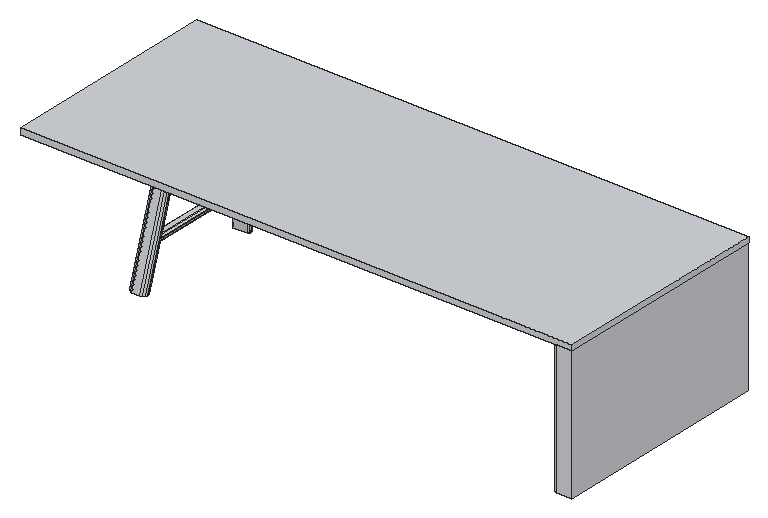
Revit family "Bernhardt_Design-Tables-Freestanding-Frame-Block_30h-Blueprint", category Furniture, Revit 2016
Family settings
  OmniClass Number = 23.40.20.00
  OmniClass Title = General Furniture and Specialties
  Work Plane-Based = No
  Always vertical = Yes
  Cut with Voids When Loaded = No
  Shared = No
  Room Calculation Point = No
Parameters (values of type "BPS-AOC-AC")
  Wood = none
  URL = "http://www.bernhardtdesign.com"
  TotalWidth = 120"
  TotalDepth = 48"
  TableWidth_right = TotalWidth / 2 - 8 3/4"  # 51 1/4"
  TableWidth_left = TotalWidth / 2 + 8 3/4"  # 68 3/4"
  TableTopHeight = TotalHeight - 1 1/4"  # 28 3/4"
  TotalHeight = 30"
  TableTop = none
  TableDepth = TotalDepth / 2  # 24"
  SKU = "BPS-AOC-AC"
  RailCapFront = RailCap + 2"  # 2"
  RailCap = 0"
  Model = "Blueprint"  # constant formula
  Manufacturer = "Bernhardt Design"  # constant formula
  Railing_bottom = -Railing_top  # -38.54892"
  Railing_top = 38.54892"
  LegDistance = 16"
  LegHeight = TableTopHeight  # 28 3/4"
  Copyright © = "Copyright © Bernhardt Design"  # constant formula
  Catalog = SKU  # "BPS-AOC-AC"
  CapDistance_right = TableWidth_right - 4"  # 47 1/4"
  CapDistance_left = 47 1/4"
  Blueprint Gray = Blueprint Gray
  BlackPaint = Black Paint
  Authoring Version = "Autodesk Revit 2016"  # constant formula
Types (10): name | TotalWidth | TotalDepth | TableWidth_right | TableWidth_left | TableDepth | SKU | Railing_bottom | Railing_top | LegDistance | Catalog | CapDistance_right | CapDistance_left
  (no name) | 120" | 48" | 51 1/4" | 68 3/4" | 24" | "BPS-AOC-AC" | -38.54892" | 38.54892" | 16" | "BPS-AOC-AC" | 47 1/4" | 47 1/4"
  BPS-AGC-AC | 72" | 48" | 27 1/4" | 44 3/4" | 24" | "BPS-AGC-AC" | -12 3/4" | 12 3/4" | 20" | "BPS-AGC-AC" | 23 1/4" | 23 1/4"
  BPS-AKC-AC | 96" | 48" | 39 1/4" | 56 3/4" | 24" | "BPS-AKC-AC" | -24.51767" | 24.51767" | 16" | "BPS-AKC-AC" | 35 1/4" | 35 1/4"
  BPS-AOC-AC | 120" | 48" | 51 1/4" | 68 3/4" | 24" | "BPS-AOC-AC" | -38.54892" | 38.54892" | 16" | "BPS-AOC-AC" | 47 1/4" | 47 1/4"
  BPS-AGA-AC | 72" | 36" | 27 1/4" | 44 3/4" | 18" | "BPS-AGA-AC" | -12 3/4" | 12 3/4" | 16" | "BPS-AGA-AC" | 23 1/4" | 23 1/4"
  BPS-AKA-AC | 96" | 36" | 39 1/4" | 56 3/4" | 18" | "BPS-AKA-AC" | -24.51767" | 24.51767" | 16" | "BPS-AKA-AC" | 35 1/4" | 35 1/4"
  BPS-AOA-AC | 120" | 36" | 51 1/4" | 68 3/4" | 18" | "BPS-AOA-AC" | -38.54892" | 38.54892" | 16" | "BPS-AOA-AC" | 47 1/4" | 47 1/4"
  BPS-AGB-AC | 72" | 42" | 27 1/4" | 44 3/4" | 21" | "BPS-AGB-AC" | -12 3/4" | 12 3/4" | 16" | "BPS-AGB-AC" | 23 1/4" | 23 1/4"
  BPS-AKB-AC | 96" | 42" | 39 1/4" | 56 3/4" | 21" | "BPS-AKB-AC" | -24.51767" | 24.51767" | 16" | "BPS-AKB-AC" | 35 1/4" | 35 1/4"
  BPS-AOB-AC | 120" | 42" | 51 1/4" | 68 3/4" | 21" | "BPS-AOB-AC" | -38.54892" | 38.54892" | 16" | "BPS-AOB-AC" | 47 1/4" | 47 1/4"
Reference planes (in)
  plane 1 "Center Front/Back": y = 0
  plane 2: z = 0
  plane 3 "Center Left/Right": x = 0
  plane 4 "railTop_plane": z = 27.8248
  plane 5 "TableTop_plane": z = 30
  plane 6 "tableBottom_plane": z = 28.75
  plane 7 "railBottom_plane": z = 25.79724
  plane 8 "Crossbar_top_plane": y = 12.06057
  plane 9 "Crossbar_bottom_plane": y = -12.16143
  plane 10 "width_left_plane": x = -68.75
  plane 11 "width_right_plane": x = 51.25
  plane 12 "depth_top_plane": y = 24
  plane 13 "depth_bottom_plane": y = -24
  plane 14 "RailEnd_right_plane": x = 47.25
  plane 15 "RailEnd_left_plane": x = -47.25
  plane 16 "EndCap_right_plane": x = 48.99932
  plane 17 "EndCap_left_plane": x = -48.99269
Forms (in)
  Extrusion 1, solid, material <- "TableTop"
    sketch origin (0, 0, 0) x (1, 0, 0) y (0, 1, 0)
      loop
        line (-68.75, 24) -> (-68.75, -24) -> (51.25, -24) -> (51.25, 24) -> (-68.75, 24)
    from 30 <- "TotalHeight" to 28.75 <- "TableTopHeight"
  Extrusion 2, solid, material "Blueprint Gray" <- "Blueprint Gray"
    sketch origin (0, -6.68362, 17.41142) x (0, -1, 0) y (0, 0, 1)
      loop
        arc (-0.89738, 10.41338) -> (-0.95224, 10.39066) -> (-0.97496, 10.3358) r 0.07758
        line (-0.97496, 10.3358) -> (-0.97496, 8.46243)
        arc (-0.97496, 8.46243) -> (-0.95253, 8.40826) -> (-0.89836, 8.38583) r 0.0766
        line (-0.89836, 8.38583) -> (0.74076, 8.38583)
        arc (0.74076, 8.38583) -> (0.79557, 8.40853) -> (0.81827, 8.46334) r 0.07751
        line (0.81827, 8.46334) -> (0.81827, 10.334)
        arc (0.81827, 10.334) -> (0.79502, 10.39013) -> (0.73889, 10.41338) r 0.07938
        line (0.73889, 10.41338) -> (-0.89738, 10.41338)
      loop
        arc (-14.10793, 10.41338) -> (-14.16279, 10.39066) -> (-14.18551, 10.3358) r 0.07758
        line (-14.18551, 10.3358) -> (-14.18551, 8.46243)
        arc (-14.18551, 8.46243) -> (-14.16307, 8.40826) -> (-14.10891, 8.38583) r 0.0766
        line (-14.10891, 8.38583) -> (-12.46979, 8.38583)
        arc (-12.46979, 8.38583) -> (-12.41498, 8.40853) -> (-12.39228, 8.46334) r 0.07751
        line (-12.39228, 8.46334) -> (-12.39228, 10.334)
        arc (-12.39228, 10.334) -> (-12.41553, 10.39013) -> (-12.47166, 10.41338) r 0.07938
        line (-12.47166, 10.41338) -> (-14.10793, 10.41338)
    from -47.25 to 47.25
  Extrusion 3, solid, material "Blueprint Gray" <- "Blueprint Gray"
    sketch origin (47.25, 0, 0) x (0, 0, -1) y (0, -1, 0)
      loop
        line (-28.75, -7.53436) -> (-25.7432, -7.53436) -> (-25.7432, -5.65936) -> (-28.75, -5.65936) -> (-28.75, -7.53436)
      loop
        line (-28.75, 5.66998) -> (-25.7432, 5.66998) -> (-25.7432, 7.53436) -> (-28.75, 7.53436) -> (-28.75, 5.66998)
    from 0 <- "RailCap" to 2 <- "RailCapFront"
  Extrusion 4, solid, material "Blueprint Gray" <- "Blueprint Gray"
    sketch origin (-47.25, 0, 0) x (0, 0, 1) y (0, -1, 0)
      loop
        line (28.75, -7.53436) -> (28.75, -5.65936) -> (25.7432, -5.65936) -> (25.7432, -7.53436) -> (28.75, -7.53436)
      loop
        line (28.75, 5.66998) -> (28.75, 7.53436) -> (25.7432, 7.53436) -> (25.7432, 5.66998) -> (28.75, 5.66998)
    from 0 <- "RailCap" to 2 <- "RailCapFront"
  Extrusion 5, solid, material <- "Wood"
    sketch origin (0, 0, 0) x (1, 0, 0) y (0, 0, 1)
      loop
        line (-47.25, 28.75) -> (-48.49488, 28.75) -> (-48.97006, 24.22889) -> (-47.25, 24.22889) -> (-47.25, 28.75)
    from -9.29414 to 9.23754
  Extrusion 6, solid, material <- "Wood"
    sketch origin (-34.43981, -12.16143, 0) x (1, 0, 0) y (0, 0, 1)
      loop
        line (-15.05423, 10) -> (-16.03583, 10)
        arc (-16.03583, 10) -> (-16.13195, 9.97957) -> (-16.21145, 9.92181) r 0.23632
        line (-16.21145, 9.92181) -> (-16.48556, 9.60649)
        arc (-16.48556, 9.60649) -> (-16.521, 9.54977) -> (-16.53718, 9.48488) r 0.21376
        line (-16.53718, 9.48488) -> (-16.53718, 9.40601)
        arc (-16.53718, 9.40601) -> (-16.53498, 9.36995) -> (-16.52839, 9.33443) r 0.29589
        line (-16.52839, 9.33443) -> (-16.22713, 8.76783)
        arc (-16.22713, 8.76783) -> (-16.12603, 8.6613) -> (-15.9845, 8.62205) r 0.27478
        line (-15.9845, 8.62205) -> (-15.10556, 8.62205)
        arc (-15.10556, 8.62205) -> (-14.96403, 8.6613) -> (-14.86294, 8.76783) r 0.27478
        line (-14.86294, 8.76783) -> (-14.56167, 9.33443)
        arc (-14.56167, 9.33443) -> (-14.55508, 9.36995) -> (-14.55288, 9.40601) r 0.29589
        line (-14.55288, 9.40601) -> (-14.55288, 9.48488)
        arc (-14.55288, 9.48488) -> (-14.56906, 9.54977) -> (-14.6045, 9.60649) r 0.21376
        line (-14.6045, 9.60649) -> (-14.87861, 9.92181)
        arc (-14.87861, 9.92181) -> (-14.95811, 9.97957) -> (-15.05423, 10) r 0.23632
    from 0 to -24
  Blend 7, solid, material <- "Wood"
    base sketch origin (13.28914, 0, 0) x (1, 0, 0) y (0, 1, 0)
      loop
        line (-63.26739, 14.99138) -> (-64.98729, 14.99138)
        arc (-64.98729, 14.99138) -> (-65.18707, 14.94709) -> (-65.34941, 14.82252) r 0.47272
        line (-65.34941, 14.82252) -> (-65.91414, 14.38131)
        arc (-65.91414, 14.38131) -> (-65.99769, 14.2852) -> (-66.03914, 14.1648) r 0.33368
        line (-66.03914, 14.1648) -> (-66.03914, 13.80635)
        arc (-66.03914, 13.80635) -> (-66.02254, 13.71219) -> (-65.97474, 13.62939) r 0.2753
        line (-65.97474, 13.62939) -> (-65.84006, 13.49471)
        arc (-65.84006, 13.49471) -> (-65.75978, 13.44357) -> (-65.66541, 13.43114) r 0.21989
        line (-65.66541, 13.43114) -> (-62.58927, 13.43114)
        arc (-62.58927, 13.43114) -> (-62.4949, 13.44357) -> (-62.41462, 13.49471) r 0.21989
        line (-62.41462, 13.49471) -> (-62.27995, 13.62939)
        arc (-62.27995, 13.62939) -> (-62.23214, 13.71219) -> (-62.21554, 13.80635) r 0.2753
        line (-62.21554, 13.80635) -> (-62.21554, 14.1648)
        arc (-62.21554, 14.1648) -> (-62.257, 14.2852) -> (-62.34054, 14.38131) r 0.33368
        line (-62.34054, 14.38131) -> (-62.90527, 14.82252)
        arc (-62.90527, 14.82252) -> (-63.06761, 14.94709) -> (-63.26739, 14.99138) r 0.47272
    top sketch origin (13.28914, 0, 0) x (1, 0, 0) y (0, 1, 0)
      loop
        line (-60.31413, 9.98118) -> (-62.03402, 9.98118)
        arc (-62.03402, 9.98118) -> (-62.2338, 9.93689) -> (-62.39615, 9.81232) r 0.47272
        line (-62.39615, 9.81232) -> (-62.96088, 9.3711)
        arc (-62.96088, 9.3711) -> (-63.04442, 9.275) -> (-63.08588, 9.1546) r 0.33368
        line (-63.08588, 9.1546) -> (-63.08588, 8.79614)
        arc (-63.08588, 8.79614) -> (-63.06927, 8.70198) -> (-63.02147, 8.61918) r 0.2753
        line (-63.02147, 8.61918) -> (-62.88679, 8.48451)
        arc (-62.88679, 8.48451) -> (-62.80651, 8.43336) -> (-62.71214, 8.42094) r 0.21989
        line (-62.71214, 8.42094) -> (-59.636, 8.42094)
        arc (-59.636, 8.42094) -> (-59.54163, 8.43336) -> (-59.46136, 8.48451) r 0.21989
        line (-59.46136, 8.48451) -> (-59.32668, 8.61918)
        arc (-59.32668, 8.61918) -> (-59.27887, 8.70198) -> (-59.26227, 8.79614) r 0.2753
        line (-59.26227, 8.79614) -> (-59.26227, 9.1546)
        arc (-59.26227, 9.1546) -> (-59.30373, 9.275) -> (-59.38727, 9.3711) r 0.33368
        line (-59.38727, 9.3711) -> (-59.952, 9.81232)
        arc (-59.952, 9.81232) -> (-60.11435, 9.93689) -> (-60.31413, 9.98118) r 0.47272
    from 0 to 28.75 <- "LegHeight"
  Blend 8, solid, material <- "Wood"
    base sketch origin (13.28914, 0, 0) x (1, 0, 0) y (0, 1, 0)
      loop
        arc (-63.26739, -14.99138) -> (-63.06761, -14.94709) -> (-62.90527, -14.82252) r 0.47272
        line (-62.90527, -14.82252) -> (-62.34054, -14.38131)
        arc (-62.34054, -14.38131) -> (-62.257, -14.2852) -> (-62.21554, -14.1648) r 0.33368
        line (-62.21554, -14.1648) -> (-62.21554, -13.80635)
        arc (-62.21554, -13.80635) -> (-62.23214, -13.71219) -> (-62.27995, -13.62939) r 0.2753
        line (-62.27995, -13.62939) -> (-62.41462, -13.49471)
        arc (-62.41462, -13.49471) -> (-62.4949, -13.44357) -> (-62.58927, -13.43114) r 0.21989
        line (-62.58927, -13.43114) -> (-65.66541, -13.43114)
        arc (-65.66541, -13.43114) -> (-65.75978, -13.44357) -> (-65.84006, -13.49471) r 0.21989
        line (-65.84006, -13.49471) -> (-65.97474, -13.62939)
        arc (-65.97474, -13.62939) -> (-66.02254, -13.71219) -> (-66.03914, -13.80635) r 0.2753
        line (-66.03914, -13.80635) -> (-66.03914, -14.1648)
        arc (-66.03914, -14.1648) -> (-65.99769, -14.2852) -> (-65.91414, -14.38131) r 0.33368
        line (-65.91414, -14.38131) -> (-65.34941, -14.82252)
        arc (-65.34941, -14.82252) -> (-65.18707, -14.94709) -> (-64.98729, -14.99138) r 0.47272
        line (-64.98729, -14.99138) -> (-63.26739, -14.99138)
    top sketch origin (13.28914, 0, 0) x (1, 0, 0) y (0, 1, 0)
      loop
        arc (-60.31413, -9.98118) -> (-60.11435, -9.93689) -> (-59.952, -9.81232) r 0.47272
        line (-59.952, -9.81232) -> (-59.38727, -9.3711)
        arc (-59.38727, -9.3711) -> (-59.30373, -9.275) -> (-59.26227, -9.1546) r 0.33368
        line (-59.26227, -9.1546) -> (-59.26227, -8.79614)
        arc (-59.26227, -8.79614) -> (-59.27887, -8.70198) -> (-59.32668, -8.61918) r 0.2753
        line (-59.32668, -8.61918) -> (-59.46136, -8.48451)
        arc (-59.46136, -8.48451) -> (-59.54163, -8.43336) -> (-59.636, -8.42094) r 0.21989
        line (-59.636, -8.42094) -> (-62.71214, -8.42094)
        arc (-62.71214, -8.42094) -> (-62.80651, -8.43336) -> (-62.88679, -8.48451) r 0.21989
        line (-62.88679, -8.48451) -> (-63.02147, -8.61918)
        arc (-63.02147, -8.61918) -> (-63.06927, -8.70198) -> (-63.08588, -8.79614) r 0.2753
        line (-63.08588, -8.79614) -> (-63.08588, -9.1546)
        arc (-63.08588, -9.1546) -> (-63.04442, -9.275) -> (-62.96088, -9.3711) r 0.33368
        line (-62.96088, -9.3711) -> (-62.39615, -9.81232)
        arc (-62.39615, -9.81232) -> (-62.2338, -9.93689) -> (-62.03402, -9.98118) r 0.47272
        line (-62.03402, -9.98118) -> (-60.31413, -9.98118)
    from 0 to 28.75 <- "LegHeight"
Dimensions and locks (in)
  "TotalHeight": plane 5 "TableTop_plane" to level
  "TableDepth": plane 1 "Center Front/Back" to plane 12 "depth_top_plane"
  "TableDepth": plane 13 "depth_bottom_plane" to plane 1 "Center Front/Back"
  "TableWidth_left": plane 10 "width_left_plane" to plane 3 "Center Left/Right"
  "TableWidth_right": plane 3 "Center Left/Right" to plane 11 "width_right_plane"
  locked: plane 17 "EndCap_left_plane" to plane 15 "RailEnd_left_plane" at 1.74269
  locked: plane 14 "RailEnd_right_plane" to plane 16 "EndCap_right_plane" at 1.74932
  plane 17 "EndCap_left_plane" to Extrusion 5 = 1.74269"
  "CapDistance_left": plane 15 "RailEnd_left_plane" to plane 3 "Center Left/Right"
  "CapDistance_right": plane 3 "Center Left/Right" to plane 14 "RailEnd_right_plane"
  "CapDistance_right": plane 3 "Center Left/Right" to nested 1
  aligned and locked: level to plane 2
  aligned and locked: Extrusion 1 to plane 12 "depth_top_plane"
  aligned and locked: plane 11 "width_right_plane" to Extrusion 1
  aligned and locked: Extrusion 1 to plane 10 "width_left_plane"
  aligned and locked: Extrusion 1 to plane 13 "depth_bottom_plane"
  aligned and locked: plane 15 "RailEnd_left_plane" to Extrusion 5
  aligned and locked: Extrusion 2 to plane 15 "RailEnd_left_plane"
  aligned and locked: Extrusion 2 to plane 14 "RailEnd_right_plane"
  aligned and locked: Extrusion 1 sketch curve to plane 11 "width_right_plane"
  aligned and locked: plane 10 "width_left_plane" to Extrusion 1 sketch curve
Automatic sketch dimensions
  plane 7 "railBottom_plane" to Extrusion 2 sketch curve = 0"  (x2)
  plane 4 "railTop_plane" to Extrusion 2 sketch curve = 0"  (x2)
  Extrusion 2 sketch curve to plane 7 "railBottom_plane" = 0.0766"  (x2)
  Extrusion 2 sketch curve to plane 8 "Crossbar_top_plane" = 4.55867"
  Extrusion 2 sketch curve to Extrusion 2 sketch curve = 0.07758"
  Extrusion 2 sketch curve to Extrusion 2 sketch curve = 1.63627"  (x2)
  Extrusion 2 sketch curve to plane 7 "railBottom_plane" = 0.07751"  (x2)
  Extrusion 2 sketch curve to Extrusion 2 sketch curve = 1.63912"  (x2)
  plane 4 "railTop_plane" to Extrusion 2 sketch curve = 0.07758"
  plane 1 "Center Front/Back" to Extrusion 2 sketch curve = 5.70865"
  Extrusion 3 sketch curve to plane 6 "tableBottom_plane" = 0"  (x2)
  plane 7 "railBottom_plane" to Extrusion 3 sketch curve = 0.05404"  (x2)
  Extrusion 3 sketch curve to plane 8 "Crossbar_top_plane" = 4.52621"
  Extrusion 3 sketch curve to Extrusion 3 sketch curve = 1 7/8"
  plane 1 "Center Front/Back" to Extrusion 3 sketch curve = 5.66998"
  Extrusion 3 sketch curve to Extrusion 3 sketch curve = 1.86438"
  Extrusion 4 sketch curve to plane 6 "tableBottom_plane" = 0"  (x2)
  plane 7 "railBottom_plane" to Extrusion 4 sketch curve = 0.05404"  (x2)
  Extrusion 4 sketch curve to plane 8 "Crossbar_top_plane" = 4.52621"
  Extrusion 4 sketch curve to Extrusion 4 sketch curve = 1 7/8"
  plane 1 "Center Front/Back" to Extrusion 4 sketch curve = 5.66998"
  Extrusion 4 sketch curve to Extrusion 4 sketch curve = 1.86438"
  Extrusion 5 sketch curve to plane 6 "tableBottom_plane" = 0"
  Extrusion 5 sketch curve to plane 15 "RailEnd_left_plane" = 0"
  plane 17 "EndCap_left_plane" to Extrusion 5 sketch curve = 0.49781"
  plane 17 "EndCap_left_plane" to Extrusion 5 sketch curve = 0.02263"
  plane 7 "railBottom_plane" to Extrusion 5 sketch curve = 1.56835"
  Extrusion 6 sketch curve to plane 17 "EndCap_left_plane" = 0"
  Extrusion 6 sketch curve to plane 17 "EndCap_left_plane" = 0.00879"
  Extrusion 6 sketch curve to plane 17 "EndCap_left_plane" = 0.05162"
  Extrusion 6 sketch curve to plane 17 "EndCap_left_plane" = 0.21295"
  Extrusion 6 sketch curve to Extrusion 6 sketch curve = 0.08294"  (x2)
  Extrusion 6 sketch curve to plane 17 "EndCap_left_plane" = 0.31006"
  Extrusion 6 sketch curve to plane 17 "EndCap_left_plane" = 0.32573"
  Extrusion 6 sketch curve to Extrusion 6 sketch curve = 0.17562"  (x2)
  Extrusion 6 sketch curve to Extrusion 6 sketch curve = 0.24262"  (x2)
  Extrusion 6 sketch curve to Extrusion 6 sketch curve = 0.87895"
  Extrusion 6 sketch curve to Extrusion 6 sketch curve = 0.05133"
  Extrusion 6 sketch curve to Extrusion 6 sketch curve = 0.20546"
  Extrusion 6 sketch curve to Extrusion 6 sketch curve = 0.16133"
  Extrusion 6 sketch curve to Extrusion 6 sketch curve = 0.20416"
  Extrusion 6 sketch curve to Extrusion 6 sketch curve = 0.00879"
  level to Extrusion 6 sketch curve = 8.62205"
  Extrusion 6 sketch curve to Extrusion 6 sketch curve = 0.14578"  (x2)
  Extrusion 6 sketch curve to Extrusion 6 sketch curve = 0.5666"  (x2)
  Extrusion 6 sketch curve to Extrusion 6 sketch curve = 0.06023"  (x2)
  Extrusion 6 sketch curve to Extrusion 6 sketch curve = 0.07886"  (x2)
  Extrusion 6 sketch curve to Extrusion 6 sketch curve = 0.35767"  (x2)
  Extrusion 6 sketch curve to Extrusion 6 sketch curve = 0.15813"
  Blend 7 sketch curve to Blend 7 sketch curve = 0.13468"  (x7)
  Blend 7 sketch curve to Blend 7 sketch curve = 0.05514"  (x2)
  Blend 7 sketch curve to Blend 7 sketch curve = 0.07927"  (x4)
  Blend 7 sketch curve to Blend 7 sketch curve = 0.17465"  (x3)
  Blend 7 sketch curve to Blend 7 sketch curve = 0.36212"  (x3)
  Blend 7 sketch curve to plane 17 "EndCap_left_plane" = 0.98556"
  Blend 7 sketch curve to plane 17 "EndCap_left_plane" = 0.30744"
  Blend 7 sketch curve to Blend 7 sketch curve = 0.01916"  (x2)
  Blend 7 sketch curve to plane 17 "EndCap_left_plane" = 0.26414"
  Blend 7 sketch curve to plane 17 "EndCap_left_plane" = 0.13279"
  Blend 7 sketch curve to plane 17 "EndCap_left_plane" = 0.05871"
  plane 17 "EndCap_left_plane" to Blend 7 sketch curve = 0.00188"
  plane 17 "EndCap_left_plane" to Blend 7 sketch curve = 0.06629"
  plane 8 "Crossbar_top_plane" to Blend 7 sketch curve = 1.37058"
  Blend 7 sketch curve to Blend 7 sketch curve = 0.06357"  (x4)
  Blend 7 sketch curve to Blend 7 sketch curve = 0.31202"  (x4)
  Blend 7 sketch curve to Blend 7 sketch curve = 0.04644"  (x4)
  Blend 7 sketch curve to Blend 7 sketch curve = 0.4003"  (x4)
  Blend 7 sketch curve to Blend 7 sketch curve = 0.30386"  (x2)
  Blend 7 sketch curve to plane 17 "EndCap_left_plane" = 0.80404"
  Blend 7 sketch curve to Blend 7 sketch curve = 0.06441"
  Blend 7 sketch curve to Blend 7 sketch curve = 1/8"  (x2)
  Blend 7 sketch curve to Blend 7 sketch curve = 0.21089"
  Blend 7 sketch curve to plane 17 "EndCap_left_plane" = 0.11431"
  plane 17 "EndCap_left_plane" to Blend 7 sketch curve = 0.24781"
  plane 15 "RailEnd_left_plane" to Blend 7 sketch curve = 0.22502"
  plane 15 "RailEnd_left_plane" to Blend 7 sketch curve = 0.90314"
  Blend 7 sketch curve to Blend 7 sketch curve = 0.02413"
  Blend 7 sketch curve to Blend 7 sketch curve = 0.20544"  (x2)
  Blend 7 sketch curve to plane 8 "Crossbar_top_plane" = 3.63963"
  Blend 8 sketch curve to Blend 8 sketch curve = 0.13468"  (x6)
  Blend 8 sketch curve to Blend 8 sketch curve = 0.21089"  (x2)
  Blend 8 sketch curve to Blend 8 sketch curve = 0.05514"  (x2)
  Blend 8 sketch curve to Blend 8 sketch curve = 0.07927"  (x4)
  Blend 8 sketch curve to Blend 8 sketch curve = 0.17465"  (x3)
  Blend 8 sketch curve to Blend 8 sketch curve = 0.36212"  (x3)
  Blend 8 sketch curve to plane 17 "EndCap_left_plane" = 0.98556"
  Blend 8 sketch curve to plane 17 "EndCap_left_plane" = 0.30744"
  Blend 8 sketch curve to Blend 8 sketch curve = 0.01916"  (x2)
  Blend 8 sketch curve to plane 17 "EndCap_left_plane" = 0.26414"
  Blend 8 sketch curve to plane 17 "EndCap_left_plane" = 0.13279"
  Blend 8 sketch curve to plane 17 "EndCap_left_plane" = 0.05871"
  plane 17 "EndCap_left_plane" to Blend 8 sketch curve = 0.00188"
  plane 17 "EndCap_left_plane" to Blend 8 sketch curve = 0.06629"
  plane 9 "Crossbar_bottom_plane" to Blend 8 sketch curve = 2.82996"
  Blend 8 sketch curve to Blend 8 sketch curve = 0.16886"  (x2)
  Blend 8 sketch curve to Blend 8 sketch curve = 0.44122"  (x2)
  Blend 8 sketch curve to Blend 8 sketch curve = 0.21651"  (x2)
  Blend 8 sketch curve to Blend 8 sketch curve = 0.31202"  (x3)
  Blend 8 sketch curve to Blend 8 sketch curve = 0.35846"
  Blend 8 sketch curve to Blend 8 sketch curve = 0.15615"  (x2)
  plane 17 "EndCap_left_plane" to Blend 8 sketch curve = 0.80404"
  Blend 8 sketch curve to Blend 8 sketch curve = 0.06441"
  Blend 8 sketch curve to Blend 8 sketch curve = 1/8"  (x3)
  plane 17 "EndCap_left_plane" to Blend 8 sketch curve = 0.11431"
  Blend 8 sketch curve to plane 17 "EndCap_left_plane" = 0.24781"
  Blend 8 sketch curve to plane 15 "RailEnd_left_plane" = 0.22502"
  Blend 8 sketch curve to plane 15 "RailEnd_left_plane" = 0.90314"
  Blend 8 sketch curve to Blend 8 sketch curve = 0.02413"
  Blend 8 sketch curve to Blend 8 sketch curve = 0.20544"  (x2)
  plane 9 "Crossbar_bottom_plane" to Blend 8 sketch curve = 3.74049"
  Blend 8 sketch curve to Blend 8 sketch curve = 0.06357"  (x2)
  Blend 8 sketch curve to Blend 8 sketch curve = 0.04644"  (x2)
  Blend 8 sketch curve to Blend 8 sketch curve = 0.4003"  (x2)
  Blend 8 sketch curve to Blend 8 sketch curve = 0.30386"
  Blend 7 sketch curve to Blend 7 sketch curve = 1.7199"
  Blend 7 sketch curve to Blend 7 sketch curve = 0.67812"
  Blend 7 sketch curve to Blend 7 sketch curve = 0.15548"
  plane 8 "Crossbar_top_plane" to Blend 7 sketch curve = 2.32074"
  Blend 8 sketch curve to Blend 8 sketch curve = 1.7199"
  Blend 8 sketch curve to Blend 8 sketch curve = 0.67812"
  plane 13 "depth_bottom_plane" to Extrusion 1 sketch curve = 0"
  plane 12 "depth_top_plane" to Extrusion 1 sketch curve = 0"
Nested families (in)
  nested 1: "Block_30h_base" at (15.25, 0, 0), TotalDepth <- "TotalDepth", Wood <- "Wood", type "BPS-AGA-CCSQ000"
    with Wood none, TotalDepth 48", TableDepth 24"
Definition of nested family "Block_30h_base"
  Parameters (values of type "BPS-AGA-CCSQ000")
    Wood [instance] = none
    URL = "http://www.bernhardtdesign.com"
    TotalWidth = 72"
    TotalDepth [instance] = 36"
    TableWidth = TotalWidth / 2  # 36"
    TableTopHeight = TotalHeight - 1 1/4"  # 28 3/4"
    TotalHeight = 30"
    TableTop = none
    TableDepth [instance] = TotalDepth / 2  # 18"
    Spacer_96in = no
    Spacer_72in = yes
    Spacer_120in = no
    SKU = "BPS-AGA-CCSQ000"
    RailCapFront = RailCap + 2"  # 2"
    RailCap = 0"
    Model = "Blueprint"  # constant formula
    Manufacturer = "Bernhardt Design"  # constant formula
    Railing_bottom = -Railing_top  # -30"
    Railing_top = CapDistance - 2"  # 30"
    LegDistance = 20"
    LegHeight = TableTopHeight  # 28 3/4"
    Copyright © = "Copyright © Bernhardt Design"  # constant formula
    Catalog = SKU  # "BPS-AGA-CCSQ000"
    CapDistance = 32"
    Blueprint Gray = none
    BlackPaint = none
    Authoring Version = "Autodesk Revit 2016"  # constant formula
  Types (9): name | TotalWidth | TotalDepth | TableWidth | TableDepth | Spacer_96in | SKU | Railing_bottom | Railing_top | Catalog | CapDistance
    BPS-AGA-CCSQ000 | 72" | 36" | 36" | 18" | no | "BPS-AGA-CCSQ000" | -30" | 30" | "BPS-AGA-CCSQ000" | 32"
    BPS-AKA-CCSQ000 | 96" | 36" | 48" | 18" | yes | "BPS-AKA-CCSQ000" | -42" | 42" | "BPS-AKA-CCSQ000" | 44"
    BPS-A0A-CCSQ000 | 120" | 36" | 60" | 18" | yes | "BPS-A0A-CCSQ000" | -54" | 54" | "BPS-A0A-CCSQ000" | 56"
    BPS-AGB-CCSQ000 | 72" | 42" | 36" | 21" | no | "BPS-AGB-CCSQ000" | -30" | 30" | "BPS-AGB-CCSQ000" | 32"
    BPS-A0B-CCSQ000 | 120" | 42" | 60" | 21" | yes | "BPS-A0B-CCSQ000" | -54" | 54" | "BPS-A0B-CCSQ000" | 56"
    BPS-AKB-CCSQ000 | 96" | 42" | 48" | 21" | yes | "BPS-AKB-CCSQ000" | -42" | 42" | "BPS-AKB-CCSQ000" | 44"
    BPS-A0C-CCSQ000 | 120" | 48" | 60" | 24" | yes | "BPS-A0C-CCSQ000" | -54" | 54" | "BPS-A0C-CCSQ000" | 56"
    BPS-AGC-CCSQ000 | 72" | 48" | 36" | 24" | no | "BPS-AGC-CCSQ000" | -30" | 30" | "BPS-AGC-CCSQ000" | 32"
    BPS-AKC-CCSQ000 | 96" | 48" | 48" | 24" | yes | "BPS-AKC-CCSQ000" | -42" | 42" | "BPS-AKC-CCSQ000" | 44"
  Reference planes (in)
    plane 1 "Center Front/Back": y = 0
    plane 2: z = 0
    plane 3 "Center Left/Right": x = 0
    plane 4 "railTop_plane": z = 27.8248
    plane 5 "TableTop_plane": z = 30
    plane 6 "tableBottom_plane": z = 28.75
    plane 7 "railBottom_plane": z = 25.79724
    plane 8 "Crossbar_top_plane": y = 12.06057
    plane 9 "Crossbar_bottom_plane": y = -12.16143
    plane 10 "width_left_plane": x = -36
    plane 11 "width_right_plane": x = 36
    plane 12 "depth_top_plane": y = 18
    plane 13 "depth_bottom_plane": y = -18
    plane 14 "RailEnd_right_plane": x = 32
    plane 15 "RailEnd_left_plane": x = -32
    plane 16 "EndCap_right_plane": x = 33.74932
    plane 17 "EndCap_left_plane": x = -33.74269
  Forms (in)
    Extrusion 1, solid, material <- "Wood"
      sketch origin (12, 0, 0) x (1, 0, 0) y (0, 1, 0)
        loop
          line (24, 18) -> (20.82201, 18)
          arc (20.82201, 18) -> (20.31822, 17.83955) -> (20, 17.4173) r 0.87116
          line (20, 17.4173) -> (20, -17.42617)
          arc (20, -17.42617) -> (20.32077, -17.84235) -> (20.82201, -18) r 0.87568
          line (20.82201, -18) -> (24, -18) -> (24, 18)
      from 0 to 28.75 <- "LegHeight"
  Dimensions and locks (in)
    "TotalHeight": plane 5 "TableTop_plane" to level
    "TableDepth": plane 1 "Center Front/Back" to plane 12 "depth_top_plane"
    "TableDepth": plane 13 "depth_bottom_plane" to plane 1 "Center Front/Back"
    "TableWidth": plane 10 "width_left_plane" to plane 3 "Center Left/Right"
    "TableWidth": plane 3 "Center Left/Right" to plane 11 "width_right_plane"
    locked: plane 17 "EndCap_left_plane" to plane 15 "RailEnd_left_plane" at 1.74269
    locked: plane 14 "RailEnd_right_plane" to plane 16 "EndCap_right_plane" at 1.74932
    "CapDistance": plane 15 "RailEnd_left_plane" to plane 3 "Center Left/Right"
    "CapDistance": plane 3 "Center Left/Right" to plane 14 "RailEnd_right_plane"
    locked: plane 5 "TableTop_plane" to plane 7 "railBottom_plane" at 4.20276
    locked: plane 4 "railTop_plane" to plane 7 "railBottom_plane" at 2.02756
    locked: plane 6 "tableBottom_plane" to plane 4 "railTop_plane" at 0.9252
    "TotalDepth": Extrusion 1 sketch curve to Extrusion 1 sketch curve
    "TableDepth": plane 1 "Center Front/Back" to Extrusion 1
    aligned and locked: level to plane 2
  Automatic sketch dimensions
    Extrusion 1 sketch curve to plane 14 "RailEnd_right_plane" = 0"
    plane 12 "depth_top_plane" to Extrusion 1 sketch curve = 0"
    Extrusion 1 sketch curve to plane 11 "width_right_plane" = 0"
    Extrusion 1 sketch curve to plane 14 "RailEnd_right_plane" = 0.82201"  (x2)
    Extrusion 1 sketch curve to plane 13 "depth_bottom_plane" = 0.57383"
    Extrusion 1 sketch curve to Extrusion 1 sketch curve = 0.87116"
